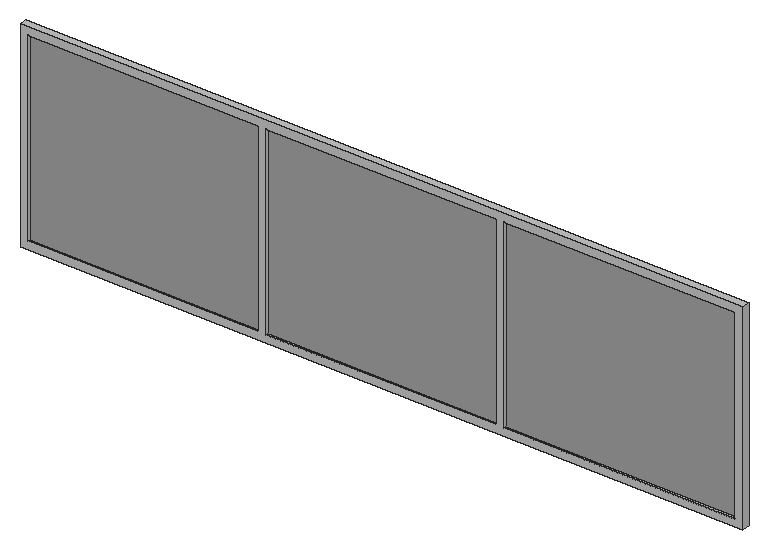
Revit family "WLV_A3-Louvre-Panel-TL03", category Windows, host Wall, Revit 2016
Family settings
  Host = Wall
  Always vertical = Yes
  Cut with Voids When Loaded = No
  Shared = No
  Room Calculation Point = No
Parameters (values of type "TL03")
  Keynote = "V001"
  Height = 1200 mm
  Default Sill Height = 800 mm
  Wall Closure = By host
  Width = 4340 mm
  Construction Type = "TL03"
  Assembly Code = ""
Reference planes
  plane 1 "Center (Front/Back)": y = 53
  plane 2 "Center (Left/Right)": x = 0
  plane 3 "Left": x = -2170
  plane 4 "Right": x = 2170
  plane 5 "Sill": z = 800
  plane 6 "Head": z = 2000
  plane 7 "Exterior": y = 165
  plane 8 "Interior": y = -165
  plane 9 "Frame ref": y = -4.5
  plane 10 "Louvre ref": y = -15
  plane 11: y = -4.5
Forms (mm)
  Extrusion 1, solid, material "Aluminium"
    sketch origin (0, -4.5, 0) x (-1, 0, 0) y (0, 0, 1)
      loop
        line (-2170, 2000) -> (-2170, 800) -> (2170, 800) -> (2170, 2000) -> (-2170, 2000)
      loop
        line (-2125, 1955) -> (-2125, 845) -> (-738.3, 845) -> (-738.3, 1955) -> (-2125, 1955)
      loop
        line (2125, 845) -> (2125, 1955) -> (738.3, 1955) -> (738.3, 845) -> (2125, 845)
      loop
        line (-693.3, 845) -> (693.3, 845) -> (693.3, 1955) -> (-693.3, 1955) -> (-693.3, 845)
    from 0 to -45
  Extrusion 2, solid, material "Aluminium Louvres"
    sketch origin (0, -15, 0) x (-1, 0, 0) y (0, 0, 1)
      loop
        line (-2125, 1955) -> (-2125, 845) -> (-738.3, 845) -> (-738.3, 1955) -> (-2125, 1955)
      loop
        line (-693.3, 1955) -> (-693.3, 845) -> (693.3, 845) -> (693.3, 1955) -> (-693.3, 1955)
      loop
        line (738.3, 1955) -> (738.3, 845) -> (2125, 845) -> (2125, 1955) -> (738.3, 1955)
    from 0 to -20
Lines and regions (mm)
  Opening 1
    outline origin (3500, -165, 0) x (1, 0, 0) y (0, 0, 1)
      loop
        line (-1330, 800) -> (-1330, 2000) -> (-5670, 2000) -> (-5670, 800) -> (-1330, 800)
Text (mm)
  text "EXTERIOR" at (-1963.203, 1332.353, 0), in view "Ref. Level"
  text "INTERIOR" at (-1981.466, -818.386, 0), in view "Ref. Level"
  text "Exterior" at (0, 923.751, 2943.296), in view "Right"
  text "Exterior" at (0, 1040.484, 2685.409), in view "Left"
Dimensions and locks
  equal spacing: plane 3 "Left", plane 2 "Center (Left/Right)", plane 4 "Right"
  "Width": plane 3 "Left" to plane 4 "Right"
  "Height": plane 5 "Sill" to plane 6 "Head"
  "Default Sill Height": plane 5 "Sill" to level
  locked: plane 7 "Exterior" to host wall at 0
  locked: plane 8 "Interior" to host wall
  plane 9 "Frame ref" to plane 7 "Exterior" = 169.5 mm
  Extrusion 1 to Extrusion 2 to Extrusion 2 = 10.5 mm locked, 20 mm locked
  host wall to plane 9 "Frame ref" to plane 10 "Louvre ref" = 169.5 mm, 10.5 mm locked
  aligned and locked: host wall to Extrusion 1 sketch curve
  aligned and locked: Extrusion 1 sketch curve to host wall  (x3)
  aligned and locked: Extrusion 1 to Extrusion 2 sketch curve  (x3)
  aligned and locked: Extrusion 2 sketch curve to Extrusion 1  (x9)
Automatic sketch dimensions
  Opening 1 sketch curve to plane 3 "Left" = 0 mm
  Opening 1 sketch curve to plane 4 "Right" = 0 mm
  Opening 1 sketch curve to plane 5 "Sill" = 0 mm
  Opening 1 sketch curve to plane 6 "Head" = 0 mm
  plane 4 "Right" to Extrusion 1 sketch curve = 45 mm
  Extrusion 1 sketch curve to plane 3 "Left" = 45 mm
  Extrusion 1 sketch curve to plane 5 "Sill" = 45 mm  (x2)
  plane 6 "Head" to Extrusion 1 sketch curve = 45 mm  (x3)
  Extrusion 1 sketch curve to Extrusion 1 sketch curve = 1386.7 mm  (x2)
  Extrusion 1 sketch curve to Extrusion 1 sketch curve = 45 mm  (x2)
  Extrusion 1 sketch curve to Extrusion 1 sketch curve = 0 mm
